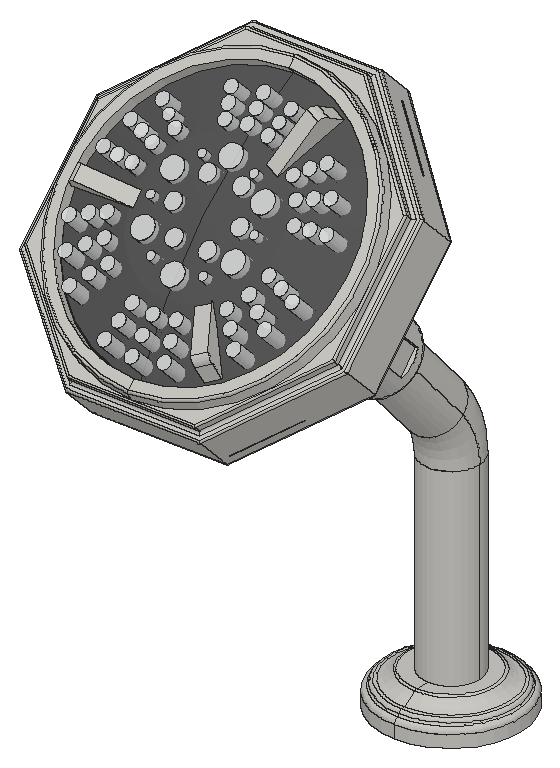
Revit family "Shower-Showerhead_Kit-KALLISTA-For_Town-P21542", category Plumbing Fixtures, host Face, Revit 2022 (continued)
Definition of nested family "P21542"
  Lines and regions (in)
    symbolic lines, detail levels medium+fine
      curve 77: spline (1.4352908, -5.0779948, 0) -> (1.4108355, -5.0802714, 0) -> (1.3880467, -5.0869461, 0) -> (1.3684776, -5.0975639, 0) -> (1.3534617, -5.1114014, 0) -> (1.3440223, -5.1275155, 0) -> (1.3408027, -5.144808, 0) -> (1.3440223, -5.1621006, 0) -> (1.3534617, -5.1782147, 0) -> (1.3684776, -5.1920521, 0) -> (1.3880467, -5.20267, 0) -> (1.4108355, -5.2093447, 0) -> (1.4352908, -5.2116213, 0)
      curve 78: spline (1.2399872, -4.9675219, 0) -> (1.2155318, -4.9697985, 0) -> (1.1927431, -4.9764732, 0) -> (1.1731739, -4.987091, 0) -> (1.158158, -5.0009285, 0) -> (1.1487186, -5.0170426, 0) -> (1.145499, -5.0343351, 0) -> (1.1487186, -5.0516277, 0) -> (1.158158, -5.0677417, 0) -> (1.1731739, -5.0815792, 0) -> (1.1927431, -5.0921971, 0) -> (1.2155318, -5.0988718, 0) -> (1.2399872, -5.1011484, 0)
      curve 79: spline (1.041725, -4.856267, 0) -> (1.0156623, -4.8586933, 0) -> (0.9913757, -4.8658066, 0) -> (0.9705204, -4.8771224, 0) -> (0.9545175, -4.8918693, 0) -> (0.9444577, -4.9090425, 0) -> (0.9410265, -4.9274716, 0) -> (0.9444577, -4.9459007, 0) -> (0.9545175, -4.9630739, 0) -> (0.9705204, -4.9778209, 0) -> (0.9913757, -4.9891366, 0) -> (1.0156623, -4.99625, 0) -> (1.041725, -4.9986762, 0)
      curve 80: spline (1.0148753, -5.1700587, 0) -> (0.99042, -5.1723353, 0) -> (0.9676312, -5.17901, 0) -> (0.9480621, -5.1896279, 0) -> (0.9330461, -5.2034653, 0) -> (0.9236067, -5.2195794, 0) -> (0.9203871, -5.236872, 0) -> (0.9236067, -5.2541645, 0) -> (0.9330461, -5.2702786, 0) -> (0.9480621, -5.2841161, 0) -> (0.9676312, -5.2947339, 0) -> (0.99042, -5.3014086, 0) -> (1.0148753, -5.3036852, 0)
      curve 81: spline (0.856874, -5.1657178, 0) -> (0.8813294, -5.1634412, 0) -> (0.9041181, -5.1567665, 0) -> (0.9236872, -5.1461487, 0) -> (0.9387032, -5.1323112, 0) -> (0.9481426, -5.1161971, 0) -> (0.9513622, -5.0989046, 0) -> (0.9481426, -5.081612, 0) -> (0.9387032, -5.065498, 0) -> (0.9236872, -5.0516605, 0) -> (0.9041181, -5.0410426, 0) -> (0.8813294, -5.0343679, 0) -> (0.856874, -5.0320913, 0)
      curve 82: spline (0.856874, -5.0320913, 0) -> (0.8324187, -5.0343679, 0) -> (0.8096299, -5.0410426, 0) -> (0.7900608, -5.0516605, 0) -> (0.7750448, -5.065498, 0) -> (0.7656054, -5.081612, 0) -> (0.7623858, -5.0989046, 0) -> (0.7656054, -5.1161971, 0) -> (0.7750448, -5.1323112, 0) -> (0.7900608, -5.1461487, 0) -> (0.8096299, -5.1567665, 0) -> (0.8324187, -5.1634412, 0) -> (0.856874, -5.1657178, 0)
      curve 83: spline (1.1822249, -5.4509782, 0) -> (1.2066802, -5.4487016, 0) -> (1.2294689, -5.4420269, 0) -> (1.2490381, -5.431409, 0) -> (1.264054, -5.4175715, 0) -> (1.2734934, -5.4014575, 0) -> (1.276713, -5.3841649, 0) -> (1.2734934, -5.3668724, 0) -> (1.264054, -5.3507583, 0) -> (1.2490381, -5.3369208, 0) -> (1.2294689, -5.326303, 0) -> (1.2066802, -5.3196283, 0) -> (1.1822249, -5.3173517, 0)
      curve 84: spline (1.1822249, -5.3173517, 0) -> (1.1577695, -5.3196283, 0) -> (1.1349808, -5.326303, 0) -> (1.1154116, -5.3369208, 0) -> (1.1003957, -5.3507583, 0) -> (1.0909563, -5.3668724, 0) -> (1.0877367, -5.3841649, 0) -> (1.0909563, -5.4014575, 0) -> (1.1003957, -5.4175715, 0) -> (1.1154116, -5.431409, 0) -> (1.1349808, -5.4420269, 0) -> (1.1577695, -5.4487016, 0) -> (1.1822249, -5.4509782, 0)
      curve 85: spline (0.0064007, -3.4366692, 0) -> (0.0304442, -3.4338175, 0) -> (0.0526556, -3.4267109, 0) -> (0.0715563, -3.4158224, 0) -> (0.0858881, -3.4018769, 0) -> (0.094697, -3.3858027, 0) -> (0.0973964, -3.3686698, 0) -> (0.0938068, -3.3516189, 0) -> (0.0841671, -3.3357849, 0) -> (0.069119, -3.3222219, 0) -> (0.0496643, -3.3118327, 0) -> (0.0270979, -3.3053091, 0) -> (0.0029222, -3.3030852, 0)
      curve 86: spline (0.010034, -3.4425686, 0) -> (-0.0144214, -3.4448452, 0) -> (-0.0372101, -3.4515199, 0) -> (-0.0567793, -3.4621377, 0) -> (-0.0717952, -3.4759752, 0) -> (-0.0812346, -3.4920893, 0) -> (-0.0844542, -3.5093818, 0) -> (-0.0812346, -3.5266744, 0) -> (-0.0717952, -3.5427885, 0) -> (-0.0567793, -3.5566259, 0) -> (-0.0372101, -3.5672438, 0) -> (-0.0144214, -3.5739185, 0) -> (0.010034, -3.5761951, 0)
      curve 87: spline (0.0029222, -3.3030852, 0) -> (-0.0215336, -3.3053618, 0) -> (-0.0443229, -3.3120367, 0) -> (-0.0638924, -3.3226548, 0) -> (-0.0789087, -3.3364925, 0) -> (-0.0883483, -3.352607, 0) -> (-0.091568, -3.3698999, 0) -> (-0.0883483, -3.3871928, 0) -> (-0.0789087, -3.4033072, 0) -> (-0.0638924, -3.417145, 0) -> (-0.0443229, -3.4277631, 0) -> (-0.0215336, -3.4344379, 0) -> (0.0029222, -3.4367145, 0)
      curve 88: spline (-0.0022692, -3.7197392, 0) -> (0.0221861, -3.7174625, 0) -> (0.0449749, -3.7107879, 0) -> (0.064544, -3.70017, 0) -> (0.07956, -3.6863325, 0) -> (0.0889994, -3.6702185, 0) -> (0.092219, -3.6529259, 0) -> (0.0889994, -3.6356334, 0) -> (0.07956, -3.6195193, 0) -> (0.064544, -3.6056818, 0) -> (0.0449749, -3.5950639, 0) -> (0.0221861, -3.5883893, 0) -> (-0.0022692, -3.5861127, 0)
      curve 89: spline (-0.0022692, -3.5861127, 0) -> (-0.0267245, -3.5883893, 0) -> (-0.0495133, -3.5950639, 0) -> (-0.0690824, -3.6056818, 0) -> (-0.0840984, -3.6195193, 0) -> (-0.0935378, -3.6356334, 0) -> (-0.0967574, -3.6529259, 0) -> (-0.0935378, -3.6702185, 0) -> (-0.0840984, -3.6863325, 0) -> (-0.0690824, -3.70017, 0) -> (-0.0495133, -3.7107879, 0) -> (-0.0267245, -3.7174625, 0) -> (-0.0022692, -3.7197392, 0)
      curve 90: spline (-0.008055, -4.0508309, 0) -> (0.0327039, -4.0470366, 0) -> (0.0706852, -4.0359121, 0) -> (0.1033004, -4.0182157, 0) -> (0.128327, -3.9951532, 0) -> (0.1440593, -3.9682964, 0) -> (0.1494253, -3.9394755, 0) -> (0.1440593, -3.9106546, 0) -> (0.128327, -3.8837978, 0) -> (0.1033004, -3.8607353, 0) -> (0.0706852, -3.8430389, 0) -> (0.0327039, -3.8319144, 0) -> (-0.008055, -3.8281201, 0)
      curve 91: spline (-0.008055, -3.8281201, 0) -> (-0.0488139, -3.8319144, 0) -> (-0.0867952, -3.8430389, 0) -> (-0.1194104, -3.8607353, 0) -> (-0.144437, -3.8837978, 0) -> (-0.1601693, -3.9106546, 0) -> (-0.1655353, -3.9394755, 0) -> (-0.1601693, -3.9682964, 0) -> (-0.144437, -3.9951532, 0) -> (-0.1194104, -4.0182157, 0) -> (-0.0867952, -4.0359121, 0) -> (-0.0488139, -4.0470366, 0) -> (-0.008055, -4.0508309, 0)
      curve 92: spline (0.3771559, -4.0468358, 0) -> (0.3924405, -4.045413, 0) -> (0.4066834, -4.0412413, 0) -> (0.4189142, -4.0346051, 0) -> (0.4282991, -4.0259567, 0) -> (0.4341987, -4.0158854, 0) -> (0.436211, -4.0050776, 0) -> (0.4341987, -3.9942697, 0) -> (0.4282991, -3.9841984, 0) -> (0.4189142, -3.97555, 0) -> (0.4066834, -3.9689138, 0) -> (0.3924405, -3.9647422, 0) -> (0.3771559, -3.9633193, 0)
      curve 93: spline (0.3771559, -3.9633193, 0) -> (0.3618713, -3.9647422, 0) -> (0.3476283, -3.9689138, 0) -> (0.3353976, -3.97555, 0) -> (0.3260126, -3.9841984, 0) -> (0.320113, -3.9942697, 0) -> (0.3181008, -4.0050776, 0) -> (0.320113, -4.0158854, 0) -> (0.3260126, -4.0259567, 0) -> (0.3353976, -4.0346051, 0) -> (0.3476283, -4.0412413, 0) -> (0.3618713, -4.045413, 0) -> (0.3771559, -4.0468358, 0)
      curve 94: spline (-0.203312, -4.8028936, 0) -> (-0.1727428, -4.8000478, 0) -> (-0.1442569, -4.7917045, 0) -> (-0.1197955, -4.7784322, 0) -> (-0.1010256, -4.7611353, 0) -> (-0.0892263, -4.7409927, 0) -> (-0.0852018, -4.7193771, 0) -> (-0.0892263, -4.6977614, 0) -> (-0.1010256, -4.6776188, 0) -> (-0.1197955, -4.6603219, 0) -> (-0.1442569, -4.6470496, 0) -> (-0.1727428, -4.6387063, 0) -> (-0.203312, -4.6358605, 0)
      curve 95: spline (-0.6407522, -4.8479191, 0) -> (-0.5999933, -4.8441248, 0) -> (-0.562012, -4.8330003, 0) -> (-0.5293968, -4.8153039, 0) -> (-0.5043702, -4.7922414, 0) -> (-0.4886379, -4.7653846, 0) -> (-0.4832719, -4.7365637, 0) -> (-0.4886379, -4.7077428, 0) -> (-0.5043702, -4.680886, 0) -> (-0.5293968, -4.6578235, 0) -> (-0.562012, -4.6401271, 0) -> (-0.5999933, -4.6290027, 0) -> (-0.6407522, -4.6252083, 0)
      curve 96: spline (-0.430699, -4.364094, 0) -> (-0.4612681, -4.3669398, 0) -> (-0.4897541, -4.3752831, 0) -> (-0.5142155, -4.3885554, 0) -> (-0.5329854, -4.4058523, 0) -> (-0.5447847, -4.4259949, 0) -> (-0.5488092, -4.4476105, 0) -> (-0.5447847, -4.4692262, 0) -> (-0.5329854, -4.4893688, 0) -> (-0.5142155, -4.5066657, 0) -> (-0.4897541, -4.519938, 0) -> (-0.4612681, -4.5282813, 0) -> (-0.430699, -4.5311271, 0)
      curve 97: spline (-0.6407522, -4.3118201, 0) -> (-0.5999933, -4.3080258, 0) -> (-0.562012, -4.2969013, 0) -> (-0.5293968, -4.2792049, 0) -> (-0.5043702, -4.2561424, 0) -> (-0.4886379, -4.2292856, 0) -> (-0.4832719, -4.2004647, 0) -> (-0.4886379, -4.1716438, 0) -> (-0.5043702, -4.144787, 0) -> (-0.5293968, -4.1217246, 0) -> (-0.562012, -4.1040281, 0) -> (-0.5999933, -4.0929037, 0) -> (-0.6407522, -4.0891093, 0)
      curve 98: spline (-0.3731331, -4.0468358, 0) -> (-0.3578485, -4.045413, 0) -> (-0.3436055, -4.0412413, 0) -> (-0.3313748, -4.0346051, 0) -> (-0.3219899, -4.0259567, 0) -> (-0.3160902, -4.0158854, 0) -> (-0.314078, -4.0050776, 0) -> (-0.3160902, -3.9942697, 0) -> (-0.3219899, -3.9841984, 0) -> (-0.3313748, -3.97555, 0) -> (-0.3436055, -3.9689138, 0) -> (-0.3578485, -3.9647422, 0) -> (-0.3731331, -3.9633193, 0)
      curve 99: spline (-0.3731331, -3.9633193, 0) -> (-0.3884177, -3.9647422, 0) -> (-0.4026606, -3.9689138, 0) -> (-0.4148914, -3.97555, 0) -> (-0.4242763, -3.9841984, 0) -> (-0.4301759, -3.9942697, 0) -> (-0.4321882, -4.0050776, 0) -> (-0.4301759, -4.0158854, 0) -> (-0.4242763, -4.0259567, 0) -> (-0.4148914, -4.0346051, 0) -> (-0.4026606, -4.0412413, 0) -> (-0.3884177, -4.045413, 0) -> (-0.3731331, -4.0468358, 0)
      curve 100: spline (-0.1902103, -4.0509069, 0) -> (-0.2207795, -4.0537527, 0) -> (-0.2492654, -4.062096, 0) -> (-0.2737269, -4.0753684, 0) -> (-0.2924968, -4.0926652, 0) -> (-0.304296, -4.1128078, 0) -> (-0.3083206, -4.1344235, 0) -> (-0.304296, -4.1560392, 0) -> (-0.2924968, -4.1761818, 0) -> (-0.2737269, -4.1934786, 0) -> (-0.2492654, -4.2067509, 0) -> (-0.2207795, -4.2150943, 0) -> (-0.1902103, -4.21794, 0)
      curve 101: spline (-0.1902103, -4.21794, 0) -> (-0.1596411, -4.2150943, 0) -> (-0.1311552, -4.2067509, 0) -> (-0.1066938, -4.1934786, 0) -> (-0.0879239, -4.1761818, 0) -> (-0.0761246, -4.1560392, 0) -> (-0.0721001, -4.1344235, 0) -> (-0.0761246, -4.1128078, 0) -> (-0.0879239, -4.0926652, 0) -> (-0.1066938, -4.0753684, 0) -> (-0.1311552, -4.062096, 0) -> (-0.1596411, -4.0537527, 0) -> (-0.1902103, -4.0509069, 0)
      curve 102: spline (-0.430699, -4.5311271, 0) -> (-0.4001298, -4.5282813, 0) -> (-0.3716439, -4.519938, 0) -> (-0.3471824, -4.5066657, 0) -> (-0.3284125, -4.4893688, 0) -> (-0.3166132, -4.4692262, 0) -> (-0.3125887, -4.4476105, 0) -> (-0.3166132, -4.4259949, 0) -> (-0.3284125, -4.4058523, 0) -> (-0.3471824, -4.3885554, 0) -> (-0.3716439, -4.3752831, 0) -> (-0.4001298, -4.3669398, 0) -> (-0.430699, -4.364094, 0)
      curve 103: spline (-0.203312, -4.6358605, 0) -> (-0.2338812, -4.6387063, 0) -> (-0.2623671, -4.6470496, 0) -> (-0.2868286, -4.6603219, 0) -> (-0.3055985, -4.6776188, 0) -> (-0.3173977, -4.6977614, 0) -> (-0.3214223, -4.7193771, 0) -> (-0.3173977, -4.7409927, 0) -> (-0.3055985, -4.7611353, 0) -> (-0.2868286, -4.7784322, 0) -> (-0.2623671, -4.7917045, 0) -> (-0.2338812, -4.8000478, 0) -> (-0.203312, -4.8028936, 0)
      curve 104: spline (0.3778914, -4.9658253, 0) -> (0.393176, -4.9644024, 0) -> (0.4074189, -4.9602307, 0) -> (0.4196497, -4.9535946, 0) -> (0.4290346, -4.9449461, 0) -> (0.4349342, -4.9348748, 0) -> (0.4369465, -4.924067, 0) -> (0.4349342, -4.9132592, 0) -> (0.4290346, -4.9031879, 0) -> (0.4196497, -4.8945394, 0) -> (0.4074189, -4.8879033, 0) -> (0.393176, -4.8837316, 0) -> (0.3778914, -4.8823087, 0)
      curve 105: spline (-0.6407522, -4.6252083, 0) -> (-0.6815111, -4.6290027, 0) -> (-0.7194923, -4.6401271, 0) -> (-0.7521076, -4.6578235, 0) -> (-0.7771341, -4.680886, 0) -> (-0.7928665, -4.7077428, 0) -> (-0.7982325, -4.7365637, 0) -> (-0.7928665, -4.7653846, 0) -> (-0.7771341, -4.7922414, 0) -> (-0.7521076, -4.8153039, 0) -> (-0.7194923, -4.8330003, 0) -> (-0.6815111, -4.8441248, 0) -> (-0.6407522, -4.8479191, 0)
      curve 106: spline (-0.6407522, -4.0891093, 0) -> (-0.6815111, -4.0929037, 0) -> (-0.7194923, -4.1040281, 0) -> (-0.7521076, -4.1217246, 0) -> (-0.7771341, -4.144787, 0) -> (-0.7928665, -4.1716438, 0) -> (-0.7982325, -4.2004647, 0) -> (-0.7928665, -4.2292856, 0) -> (-0.7771341, -4.2561424, 0) -> (-0.7521076, -4.2792049, 0) -> (-0.7194923, -4.2969013, 0) -> (-0.6815111, -4.3080258, 0) -> (-0.6407522, -4.3118201, 0)
      curve 107: spline (-0.0008656, -5.1093348, 0) -> (0.0398933, -5.1055405, 0) -> (0.0778745, -5.094416, 0) -> (0.1104898, -5.0767196, 0) -> (0.1355163, -5.0536571, 0) -> (0.1512487, -5.0268003, 0) -> (0.1566147, -4.9979794, 0) -> (0.1512487, -4.9691585, 0) -> (0.1355163, -4.9423017, 0) -> (0.1104898, -4.9192393, 0) -> (0.0778745, -4.9015428, 0) -> (0.0398933, -4.8904184, 0) -> (-0.0008656, -4.886624, 0)
      curve 108: spline (-0.0008656, -4.886624, 0) -> (-0.0416245, -4.8904184, 0) -> (-0.0796058, -4.9015428, 0) -> (-0.112221, -4.9192393, 0) -> (-0.1372476, -4.9423017, 0) -> (-0.1529799, -4.9691585, 0) -> (-0.158346, -4.9979794, 0) -> (-0.1529799, -5.0268003, 0) -> (-0.1372476, -5.0536571, 0) -> (-0.112221, -5.0767196, 0) -> (-0.0796058, -5.094416, 0) -> (-0.0416245, -5.1055405, 0) -> (-0.0008656, -5.1093348, 0)
      curve 109: spline (0.3778914, -4.8823087, 0) -> (0.3626068, -4.8837316, 0) -> (0.3483638, -4.8879033, 0) -> (0.3361331, -4.8945394, 0) -> (0.3267481, -4.9031879, 0) -> (0.3208485, -4.9132592, 0) -> (0.3188363, -4.924067, 0) -> (0.3208485, -4.9348748, 0) -> (0.3267481, -4.9449461, 0) -> (0.3361331, -4.9535946, 0) -> (0.3483638, -4.9602307, 0) -> (0.3626068, -4.9644024, 0) -> (0.3778914, -4.9658253, 0)
      curve 110: spline (-0.7452469, -4.5057646, 0) -> (-0.7299623, -4.5043417, 0) -> (-0.7157193, -4.50017, 0) -> (-0.7034886, -4.4935339, 0) -> (-0.6941037, -4.4848855, 0) -> (-0.688204, -4.4748142, 0) -> (-0.6861918, -4.4640063, 0) -> (-0.688204, -4.4531985, 0) -> (-0.6941037, -4.4431272, 0) -> (-0.7034886, -4.4344788, 0) -> (-0.7157193, -4.4278426, 0) -> (-0.7299623, -4.4236709, 0) -> (-0.7452469, -4.422248, 0)
      curve 111: spline (-0.7452469, -4.422248, 0) -> (-0.7605315, -4.4236709, 0) -> (-0.7747744, -4.4278426, 0) -> (-0.7870052, -4.4344788, 0) -> (-0.7963901, -4.4431272, 0) -> (-0.8022897, -4.4531985, 0) -> (-0.804302, -4.4640063, 0) -> (-0.8022897, -4.4748142, 0) -> (-0.7963901, -4.4848855, 0) -> (-0.7870052, -4.4935339, 0) -> (-0.7747744, -4.50017, 0) -> (-0.7605315, -4.5043417, 0) -> (-0.7452469, -4.5057646, 0)
      curve 112: spline (0.3122523, -5.3976762, 0) -> (0.3367076, -5.3953996, 0) -> (0.3594964, -5.3887249, 0) -> (0.3790655, -5.3781071, 0) -> (0.3940814, -5.3642696, 0) -> (0.4035209, -5.3481555, 0) -> (0.4067405, -5.330863, 0) -> (0.4035209, -5.3135704, 0) -> (0.3940814, -5.2974564, 0) -> (0.3790655, -5.2836189, 0) -> (0.3594964, -5.273001, 0) -> (0.3367076, -5.2663263, 0) -> (0.3122523, -5.2640497, 0)
      curve 113: spline (0.3746636, -5.5742609, 0) -> (0.3991189, -5.5719843, 0) -> (0.4219077, -5.5653097, 0) -> (0.4414768, -5.5546918, 0) -> (0.4564927, -5.5408543, 0) -> (0.4659321, -5.5247402, 0) -> (0.4691517, -5.5074477, 0) -> (0.4659321, -5.4901552, 0) -> (0.4564927, -5.4740411, 0) -> (0.4414768, -5.4602036, 0) -> (0.4219077, -5.4495857, 0) -> (0.3991189, -5.4429111, 0) -> (0.3746636, -5.4406345, 0)
      curve 114: spline (0.4259098, -5.7507498, 0) -> (0.4503651, -5.7484732, 0) -> (0.4731539, -5.7417985, 0) -> (0.492723, -5.7311807, 0) -> (0.507739, -5.7173432, 0) -> (0.5171784, -5.7012291, 0) -> (0.520398, -5.6839366, 0) -> (0.5171784, -5.666644, 0) -> (0.507739, -5.6505299, 0) -> (0.492723, -5.6366925, 0) -> (0.4731539, -5.6260746, 0) -> (0.4503651, -5.6193999, 0) -> (0.4259098, -5.6171233, 0)
      curve 115: spline (0.3122523, -5.2640497, 0) -> (0.2877969, -5.2663263, 0) -> (0.2650082, -5.273001, 0) -> (0.245439, -5.2836189, 0) -> (0.2304231, -5.2974564, 0) -> (0.2209837, -5.3135704, 0) -> (0.2177641, -5.330863, 0) -> (0.2209837, -5.3481555, 0) -> (0.2304231, -5.3642696, 0) -> (0.245439, -5.3781071, 0) -> (0.2650082, -5.3887249, 0) -> (0.2877969, -5.3953996, 0) -> (0.3122523, -5.3976762, 0)
      curve 116: spline (0.3746636, -5.4406345, 0) -> (0.3502082, -5.4429111, 0) -> (0.3274195, -5.4495857, 0) -> (0.3078503, -5.4602036, 0) -> (0.2928344, -5.4740411, 0) -> (0.283395, -5.4901552, 0) -> (0.2801754, -5.5074477, 0) -> (0.283395, -5.5247402, 0) -> (0.2928344, -5.5408543, 0) -> (0.3078503, -5.5546918, 0) -> (0.3274195, -5.5653097, 0) -> (0.3502082, -5.5719843, 0) -> (0.3746636, -5.5742609, 0)
      curve 117: spline (0.4259098, -5.6171233, 0) -> (0.4014544, -5.6193999, 0) -> (0.3786657, -5.6260746, 0) -> (0.3590966, -5.6366925, 0) -> (0.3440806, -5.6505299, 0) -> (0.3346412, -5.666644, 0) -> (0.3314216, -5.6839366, 0) -> (0.3346412, -5.7012291, 0) -> (0.3440806, -5.7173432, 0) -> (0.3590966, -5.7311807, 0) -> (0.3786657, -5.7417985, 0) -> (0.4014544, -5.7484732, 0) -> (0.4259098, -5.7507498, 0)
      curve 118: spline (-0.0011172, -5.4236983, 0) -> (0.0233382, -5.4214217, 0) -> (0.0461269, -5.414747, 0) -> (0.0656961, -5.4041291, 0) -> (0.080712, -5.3902917, 0) -> (0.0901514, -5.3741776, 0) -> (0.093371, -5.356885, 0) -> (0.0901514, -5.3395925, 0) -> (0.080712, -5.3234784, 0) -> (0.0656961, -5.309641, 0) -> (0.0461269, -5.2990231, 0) -> (0.0233382, -5.2923484, 0) -> (-0.0011172, -5.2900718, 0)
      curve 119: spline (-0.0011172, -5.6107406, 0) -> (0.0233382, -5.608464, 0) -> (0.0461269, -5.6017893, 0) -> (0.0656961, -5.5911714, 0) -> (0.080712, -5.5773339, 0) -> (0.0901514, -5.5612199, 0) -> (0.093371, -5.5439273, 0) -> (0.0901514, -5.5266348, 0) -> (0.080712, -5.5105207, 0) -> (0.0656961, -5.4966832, 0) -> (0.0461269, -5.4860654, 0) -> (0.0233382, -5.4793907, 0) -> (-0.0011172, -5.4771141, 0)
      curve 120: spline (-0.0011172, -5.8012181, 0) -> (0.0233382, -5.7989415, 0) -> (0.0461269, -5.7922668, 0) -> (0.0656961, -5.781649, 0) -> (0.080712, -5.7678115, 0) -> (0.0901514, -5.7516974, 0) -> (0.093371, -5.7344049, 0) -> (0.0901514, -5.7171123, 0) -> (0.080712, -5.7009983, 0) -> (0.0656961, -5.6871608, 0) -> (0.0461269, -5.6765429, 0) -> (0.0233382, -5.6698682, 0) -> (-0.0011172, -5.6675916, 0)
      curve 121: spline (-0.0011172, -5.2900718, 0) -> (-0.0255725, -5.2923484, 0) -> (-0.0483613, -5.2990231, 0) -> (-0.0679304, -5.309641, 0) -> (-0.0829463, -5.3234784, 0) -> (-0.0923858, -5.3395925, 0) -> (-0.0956054, -5.356885, 0) -> (-0.0923858, -5.3741776, 0) -> (-0.0829463, -5.3902917, 0) -> (-0.0679304, -5.4041291, 0) -> (-0.0483613, -5.414747, 0) -> (-0.0255725, -5.4214217, 0) -> (-0.0011172, -5.4236983, 0)
      curve 122: spline (-0.0011172, -5.4771141, 0) -> (-0.0255725, -5.4793907, 0) -> (-0.0483613, -5.4860654, 0) -> (-0.0679304, -5.4966832, 0) -> (-0.0829463, -5.5105207, 0) -> (-0.0923858, -5.5266348, 0) -> (-0.0956054, -5.5439273, 0) -> (-0.0923858, -5.5612199, 0) -> (-0.0829463, -5.5773339, 0) -> (-0.0679304, -5.5911714, 0) -> (-0.0483613, -5.6017893, 0) -> (-0.0255725, -5.608464, 0) -> (-0.0011172, -5.6107406, 0)
      curve 123: spline (-0.0011172, -5.6675916, 0) -> (-0.0255725, -5.6698682, 0) -> (-0.0483613, -5.6765429, 0) -> (-0.0679304, -5.6871608, 0) -> (-0.0829463, -5.7009983, 0) -> (-0.0923858, -5.7171123, 0) -> (-0.0956054, -5.7344049, 0) -> (-0.0923858, -5.7516974, 0) -> (-0.0829463, -5.7678115, 0) -> (-0.0679304, -5.781649, 0) -> (-0.0483613, -5.7922668, 0) -> (-0.0255725, -5.7989415, 0) -> (-0.0011172, -5.8012181, 0)
      curve 124: spline (-0.3165127, -5.3973556, 0) -> (-0.2896003, -5.395079, 0) -> (-0.2645219, -5.3884043, 0) -> (-0.2429867, -5.3777864, 0) -> (-0.226462, -5.363949, 0) -> (-0.2160743, -5.3478349, 0) -> (-0.2125312, -5.3305424, 0) -> (-0.2160743, -5.3132498, 0) -> (-0.226462, -5.2971357, 0) -> (-0.2429867, -5.2832983, 0) -> (-0.2645219, -5.2726804, 0) -> (-0.2896003, -5.2660057, 0) -> (-0.3165127, -5.2637291, 0)
      curve 125: spline (-0.3165127, -5.2637291, 0) -> (-0.340968, -5.2660057, 0) -> (-0.3637568, -5.2726804, 0) -> (-0.3833259, -5.2832983, 0) -> (-0.3983419, -5.2971357, 0) -> (-0.4077813, -5.3132498, 0) -> (-0.4110009, -5.3305424, 0) -> (-0.4077813, -5.3478349, 0) -> (-0.3983419, -5.363949, 0) -> (-0.3833259, -5.3777864, 0) -> (-0.3637568, -5.3884043, 0) -> (-0.340968, -5.395079, 0) -> (-0.3165127, -5.3973556, 0)
      curve 126: spline (-0.3726758, -5.570501, 0) -> (-0.3482204, -5.5682244, 0) -> (-0.3254317, -5.5615497, 0) -> (-0.3058625, -5.5509319, 0) -> (-0.2908466, -5.5370944, 0) -> (-0.2814072, -5.5209803, 0) -> (-0.2781876, -5.5036878, 0) -> (-0.2814072, -5.4863952, 0) -> (-0.2908466, -5.4702812, 0) -> (-0.3058625, -5.4564437, 0) -> (-0.3254317, -5.4458258, 0) -> (-0.3482204, -5.4391511, 0) -> (-0.3726758, -5.4368745, 0)
      curve 127: spline (-0.3726758, -5.4368745, 0) -> (-0.3971311, -5.4391511, 0) -> (-0.4199199, -5.4458258, 0) -> (-0.439489, -5.4564437, 0) -> (-0.4545049, -5.4702812, 0) -> (-0.4639444, -5.4863952, 0) -> (-0.467164, -5.5036878, 0) -> (-0.4639444, -5.5209803, 0) -> (-0.4545049, -5.5370944, 0) -> (-0.439489, -5.5509319, 0) -> (-0.4199199, -5.5615497, 0) -> (-0.3971311, -5.5682244, 0) -> (-0.3726758, -5.570501, 0)
      curve 128: spline (-0.3746937, -4.8801338, 0) -> (-0.3899783, -4.8815567, 0) -> (-0.4042213, -4.8857284, 0) -> (-0.416452, -4.8923645, 0) -> (-0.425837, -4.9010129, 0) -> (-0.4317366, -4.9110842, 0) -> (-0.4337488, -4.9218921, 0) -> (-0.4317366, -4.9326999, 0) -> (-0.425837, -4.9427712, 0) -> (-0.416452, -4.9514196, 0) -> (-0.4042213, -4.9580558, 0) -> (-0.3899783, -4.9622275, 0) -> (-0.3746937, -4.9636504, 0)
      curve 129: spline (-0.3746937, -4.9636504, 0) -> (-0.3594091, -4.9622275, 0) -> (-0.3451662, -4.9580558, 0) -> (-0.3329355, -4.9514196, 0) -> (-0.3235505, -4.9427712, 0) -> (-0.3176509, -4.9326999, 0) -> (-0.3156386, -4.9218921, 0) -> (-0.3176509, -4.9110842, 0) -> (-0.3235505, -4.9010129, 0) -> (-0.3329355, -4.8923645, 0) -> (-0.3451662, -4.8857284, 0) -> (-0.3594091, -4.8815567, 0) -> (-0.3746937, -4.8801338, 0)
      curve 130: spline (-0.4298063, -5.7525681, 0) -> (-0.405351, -5.7502915, 0) -> (-0.3825622, -5.7436168, 0) -> (-0.3629931, -5.732999, 0) -> (-0.3479771, -5.7191615, 0) -> (-0.3385377, -5.7030474, 0) -> (-0.3353181, -5.6857549, 0) -> (-0.3385377, -5.6684623, 0) -> (-0.3479771, -5.6523483, 0) -> (-0.3629931, -5.6385108, 0) -> (-0.3825622, -5.6278929, 0) -> (-0.405351, -5.6212182, 0) -> (-0.4298063, -5.6189416, 0)
      curve 131: spline (-0.4298063, -5.6189416, 0) -> (-0.4542617, -5.6212182, 0) -> (-0.4770504, -5.6278929, 0) -> (-0.4966196, -5.6385108, 0) -> (-0.5116355, -5.6523483, 0) -> (-0.5210749, -5.6684623, 0) -> (-0.5242945, -5.6857549, 0) -> (-0.5210749, -5.7030474, 0) -> (-0.5116355, -5.7191615, 0) -> (-0.4966196, -5.732999, 0) -> (-0.4770504, -5.7436168, 0) -> (-0.4542617, -5.7502915, 0) -> (-0.4298063, -5.7525681, 0)
      curve 132: spline (-1.2413279, -4.0864876, 0) -> (-1.2657832, -4.084211, 0) -> (-1.288572, -4.0775363, 0) -> (-1.3081411, -4.0669185, 0) -> (-1.3231571, -4.053081, 0) -> (-1.3325965, -4.0369669, 0) -> (-1.3358161, -4.0196744, 0) -> (-1.3325965, -4.0023818, 0) -> (-1.3231571, -3.9862677, 0) -> (-1.3081411, -3.9724303, 0) -> (-1.288572, -3.9618124, 0) -> (-1.2657832, -3.9551377, 0) -> (-1.2413279, -3.9528611, 0)
      curve 133: spline (-1.1890049, -3.7833412, 0) -> (-1.2134602, -3.7810646, 0) -> (-1.236249, -3.7743899, 0) -> (-1.2558181, -3.7637721, 0) -> (-1.2708341, -3.7499346, 0) -> (-1.2802735, -3.7338205, 0) -> (-1.2834931, -3.716528, 0) -> (-1.2802735, -3.6992354, 0) -> (-1.2708341, -3.6831214, 0) -> (-1.2558181, -3.6692839, 0) -> (-1.236249, -3.658666, 0) -> (-1.2134602, -3.6519914, 0) -> (-1.1890049, -3.6497147, 0)
      curve 134: spline (-1.4461695, -4.0337684, 0) -> (-1.4706248, -4.0314918, 0) -> (-1.4934136, -4.0248171, 0) -> (-1.5129827, -4.0141992, 0) -> (-1.5279987, -4.0003618, 0) -> (-1.5374381, -3.9842477, 0) -> (-1.5406577, -3.9669551, 0) -> (-1.5374381, -3.9496626, 0) -> (-1.5279987, -3.9335485, 0) -> (-1.5129827, -3.919711, 0) -> (-1.4934136, -3.9090932, 0) -> (-1.4706248, -3.9024185, 0) -> (-1.4461695, -3.9001419, 0)
      curve 135: spline (-1.6146682, -4.3196198, 0) -> (-1.6391235, -4.3173432, 0) -> (-1.6619123, -4.3106685, 0) -> (-1.6814814, -4.3000506, 0) -> (-1.6964973, -4.2862132, 0) -> (-1.7059368, -4.2700991, 0) -> (-1.7091564, -4.2528065, 0) -> (-1.7059368, -4.235514, 0) -> (-1.6964973, -4.2193999, 0) -> (-1.6814814, -4.2055624, 0) -> (-1.6619123, -4.1949446, 0) -> (-1.6391235, -4.1882699, 0) -> (-1.6146682, -4.1859933, 0)
      curve 136: spline (-1.3845011, -4.3293842, 0) -> (-1.4089564, -4.3271076, 0) -> (-1.4317452, -4.3204329, 0) -> (-1.4513143, -4.3098151, 0) -> (-1.4663302, -4.2959776, 0) -> (-1.4757696, -4.2798635, 0) -> (-1.4789892, -4.262571, 0) -> (-1.4757696, -4.2452784, 0) -> (-1.4663302, -4.2291644, 0) -> (-1.4513143, -4.2153269, 0) -> (-1.4317452, -4.204709, 0) -> (-1.4089564, -4.1980343, 0) -> (-1.3845011, -4.1957577, 0)
      curve 137: spline (-1.1706675, -4.3467835, 0) -> (-1.1951229, -4.3445069, 0) -> (-1.2179116, -4.3378322, 0) -> (-1.2374807, -4.3272144, 0) -> (-1.2524967, -4.3133769, 0) -> (-1.2619361, -4.2972628, 0) -> (-1.2651557, -4.2799703, 0) -> (-1.2619361, -4.2626777, 0) -> (-1.2524967, -4.2465636, 0) -> (-1.2374807, -4.2327262, 0) -> (-1.2179116, -4.2221083, 0) -> (-1.1951229, -4.2154336, 0) -> (-1.1706675, -4.213157, 0)
      curve 138: spline (-1.2413279, -3.9528611, 0) -> (-1.2168726, -3.9551377, 0) -> (-1.1940838, -3.9618124, 0) -> (-1.1745147, -3.9724303, 0) -> (-1.1594987, -3.9862677, 0) -> (-1.1500593, -4.0023818, 0) -> (-1.1468397, -4.0196744, 0) -> (-1.1500593, -4.0369669, 0) -> (-1.1594987, -4.053081, 0) -> (-1.1745147, -4.0669185, 0) -> (-1.1940838, -4.0775363, 0) -> (-1.2168726, -4.084211, 0) -> (-1.2413279, -4.0864876, 0)
      curve 139: spline (-1.0154513, -3.8718794, 0) -> (-1.0399067, -3.8696028, 0) -> (-1.0626954, -3.8629281, 0) -> (-1.0822646, -3.8523103, 0) -> (-1.0972805, -3.8384728, 0) -> (-1.1067199, -3.8223587, 0) -> (-1.1099395, -3.8050662, 0) -> (-1.1067199, -3.7877736, 0) -> (-1.0972805, -3.7716595, 0) -> (-1.0822646, -3.7578221, 0) -> (-1.0626954, -3.7472042, 0) -> (-1.0399067, -3.7405295, 0) -> (-1.0154513, -3.7382529, 0)
      curve 140: spline (-1.1645861, -4.7940643, 0) -> (-1.1890414, -4.7917877, 0) -> (-1.2118302, -4.785113, 0) -> (-1.2313993, -4.7744951, 0) -> (-1.2464152, -4.7606577, 0) -> (-1.2558546, -4.7445436, 0) -> (-1.2590743, -4.7272511, 0) -> (-1.2558546, -4.7099585, 0) -> (-1.2464152, -4.6938444, 0) -> (-1.2313993, -4.680007, 0) -> (-1.2118302, -4.6693891, 0) -> (-1.1890414, -4.6627144, 0) -> (-1.1645861, -4.6604378, 0)
      curve 141: spline (-1.3872371, -4.8545335, 0) -> (-1.4116925, -4.8522569, 0) -> (-1.4344812, -4.8455822, 0) -> (-1.4540504, -4.8349643, 0) -> (-1.4690663, -4.8211269, 0) -> (-1.4785057, -4.8050128, 0) -> (-1.4817253, -4.7877202, 0) -> (-1.4785057, -4.7704277, 0) -> (-1.4690663, -4.7543136, 0) -> (-1.4540504, -4.7404761, 0) -> (-1.4344812, -4.7298583, 0) -> (-1.4116925, -4.7231836, 0) -> (-1.3872371, -4.720907, 0)
      curve 142: spline (-1.6017146, -4.9232013, 0) -> (-1.62617, -4.9209247, 0) -> (-1.6489587, -4.91425, 0) -> (-1.6685279, -4.9036322, 0) -> (-1.6835438, -4.8897947, 0) -> (-1.6929832, -4.8736806, 0) -> (-1.6962028, -4.8563881, 0) -> (-1.6929832, -4.8390955, 0) -> (-1.6835438, -4.8229814, 0) -> (-1.6685279, -4.809144, 0) -> (-1.6489587, -4.7985261, 0) -> (-1.62617, -4.7918514, 0) -> (-1.6017146, -4.7895748, 0)
      curve 143: spline (-1.1645861, -4.6604378, 0) -> (-1.1401307, -4.6627144, 0) -> (-1.117342, -4.6693891, 0) -> (-1.0977728, -4.680007, 0) -> (-1.0827569, -4.6938444, 0) -> (-1.0733175, -4.7099585, 0) -> (-1.0700979, -4.7272511, 0) -> (-1.0733175, -4.7445436, 0) -> (-1.0827569, -4.7606577, 0) -> (-1.0977728, -4.7744951, 0) -> (-1.117342, -4.785113, 0) -> (-1.1401307, -4.7917877, 0) -> (-1.1645861, -4.7940643, 0)
      curve 144: spline (-1.3872371, -4.720907, 0) -> (-1.3627818, -4.7231836, 0) -> (-1.339993, -4.7298583, 0) -> (-1.3204239, -4.7404761, 0) -> (-1.3054079, -4.7543136, 0) -> (-1.2959685, -4.7704277, 0) -> (-1.2927489, -4.7877202, 0) -> (-1.2959685, -4.8050128, 0) -> (-1.3054079, -4.8211269, 0) -> (-1.3204239, -4.8349643, 0) -> (-1.339993, -4.8455822, 0) -> (-1.3627818, -4.8522569, 0) -> (-1.3872371, -4.8545335, 0)
      curve 145: spline (-1.6017146, -4.7895748, 0) -> (-1.5772593, -4.7918514, 0) -> (-1.5544705, -4.7985261, 0) -> (-1.5349014, -4.809144, 0) -> (-1.5198854, -4.8229814, 0) -> (-1.510446, -4.8390955, 0) -> (-1.5072264, -4.8563881, 0) -> (-1.510446, -4.8736806, 0) -> (-1.5198854, -4.8897947, 0) -> (-1.5349014, -4.9036322, 0) -> (-1.5544705, -4.91425, 0) -> (-1.5772593, -4.9209247, 0) -> (-1.6017146, -4.9232013, 0)
      curve 146: spline (-1.2399872, -5.1011484, 0) -> (-1.2644425, -5.0988718, 0) -> (-1.2872312, -5.0921971, 0) -> (-1.3068004, -5.0815792, 0) -> (-1.3218163, -5.0677417, 0) -> (-1.3312557, -5.0516277, 0) -> (-1.3344753, -5.0343351, 0) -> (-1.3312557, -5.0170426, 0) -> (-1.3218163, -5.0009285, 0) -> (-1.3068004, -4.987091, 0) -> (-1.2872312, -4.9764732, 0) -> (-1.2644425, -4.9697985, 0) -> (-1.2399872, -4.9675219, 0)
      curve 147: spline (-1.041725, -4.9986762, 0) -> (-1.0677877, -4.99625, 0) -> (-1.0920742, -4.9891366, 0) -> (-1.1129296, -4.9778209, 0) -> (-1.1289324, -4.9630739, 0) -> (-1.1389923, -4.9459007, 0) -> (-1.1424235, -4.9274716, 0) -> (-1.1389923, -4.9090425, 0) -> (-1.1289324, -4.8918693, 0) -> (-1.1129296, -4.8771224, 0) -> (-1.0920742, -4.8658066, 0) -> (-1.0677877, -4.8586933, 0) -> (-1.041725, -4.856267, 0)
      curve 148: spline (-1.0148753, -5.3036852, 0) -> (-1.0393307, -5.3014086, 0) -> (-1.0621194, -5.2947339, 0) -> (-1.0816885, -5.2841161, 0) -> (-1.0967045, -5.2702786, 0) -> (-1.1061439, -5.2541645, 0) -> (-1.1093635, -5.236872, 0) -> (-1.1061439, -5.2195794, 0) -> (-1.0967045, -5.2034653, 0) -> (-1.0816885, -5.1896279, 0) -> (-1.0621194, -5.17901, 0) -> (-1.0393307, -5.1723353, 0) -> (-1.0148753, -5.1700587, 0)
      curve 149: spline (-1.4352908, -5.2116213, 0) -> (-1.4597462, -5.2093447, 0) -> (-1.4825349, -5.20267, 0) -> (-1.5021041, -5.1920521, 0) -> (-1.51712, -5.1782147, 0) -> (-1.5265594, -5.1621006, 0) -> (-1.529779, -5.144808, 0) -> (-1.5265594, -5.1275155, 0) -> (-1.51712, -5.1114014, 0) -> (-1.5021041, -5.0975639, 0) -> (-1.4825349, -5.0869461, 0) -> (-1.4597462, -5.0802714, 0) -> (-1.4352908, -5.0779948, 0)
      curve 150: spline (-1.0154513, -3.7382529, 0) -> (-0.990996, -3.7405295, 0) -> (-0.9682072, -3.7472042, 0) -> (-0.9486381, -3.7578221, 0) -> (-0.9336222, -3.7716595, 0) -> (-0.9241828, -3.7877736, 0) -> (-0.9209631, -3.8050662, 0) -> (-0.9241828, -3.8223587, 0) -> (-0.9336222, -3.8384728, 0) -> (-0.9486381, -3.8523103, 0) -> (-0.9682072, -3.8629281, 0) -> (-0.990996, -3.8696028, 0) -> (-1.0154513, -3.8718794, 0)
      curve 151: spline (-1.1890049, -3.6497147, 0) -> (-1.1645495, -3.6519914, 0) -> (-1.1417608, -3.658666, 0) -> (-1.1221916, -3.6692839, 0) -> (-1.1071757, -3.6831214, 0) -> (-1.0977363, -3.6992354, 0) -> (-1.0945167, -3.716528, 0) -> (-1.0977363, -3.7338205, 0) -> (-1.1071757, -3.7499346, 0) -> (-1.1221916, -3.7637721, 0) -> (-1.1417608, -3.7743899, 0) -> (-1.1645495, -3.7810646, 0) -> (-1.1890049, -3.7833412, 0)
      curve 152: spline (-1.4461695, -3.9001419, 0) -> (-1.4217142, -3.9024185, 0) -> (-1.3989254, -3.9090932, 0) -> (-1.3793563, -3.919711, 0) -> (-1.3643403, -3.9335485, 0) -> (-1.3549009, -3.9496626, 0) -> (-1.3516813, -3.9669551, 0) -> (-1.3549009, -3.9842477, 0) -> (-1.3643403, -4.0003618, 0) -> (-1.3793563, -4.0141992, 0) -> (-1.3989254, -4.0248171, 0) -> (-1.4217142, -4.0314918, 0) -> (-1.4461695, -4.0337684, 0)
      curve 153: spline (-1.1706675, -4.213157, 0) -> (-1.1462122, -4.2154336, 0) -> (-1.1234234, -4.2221083, 0) -> (-1.1038543, -4.2327262, 0) -> (-1.0888383, -4.2465636, 0) -> (-1.0793989, -4.2626777, 0) -> (-1.0761793, -4.2799703, 0) -> (-1.0793989, -4.2972628, 0) -> (-1.0888383, -4.3133769, 0) -> (-1.1038543, -4.3272144, 0) -> (-1.1234234, -4.3378322, 0) -> (-1.1462122, -4.3445069, 0) -> (-1.1706675, -4.3467835, 0)
      curve 154: spline (-1.6146682, -4.1859933, 0) -> (-1.5902128, -4.1882699, 0) -> (-1.5674241, -4.1949446, 0) -> (-1.5478549, -4.2055624, 0) -> (-1.532839, -4.2193999, 0) -> (-1.5233996, -4.235514, 0) -> (-1.52018, -4.2528065, 0) -> (-1.5233996, -4.2700991, 0) -> (-1.532839, -4.2862132, 0) -> (-1.5478549, -4.3000506, 0) -> (-1.5674241, -4.3106685, 0) -> (-1.5902128, -4.3173432, 0) -> (-1.6146682, -4.3196198, 0)
      curve 155: spline (-1.3845011, -4.1957577, 0) -> (-1.3600457, -4.1980343, 0) -> (-1.337257, -4.204709, 0) -> (-1.3176878, -4.2153269, 0) -> (-1.3026719, -4.2291644, 0) -> (-1.2932325, -4.2452784, 0) -> (-1.2900129, -4.262571, 0) -> (-1.2932325, -4.2798635, 0) -> (-1.3026719, -4.2959776, 0) -> (-1.3176878, -4.3098151, 0) -> (-1.337257, -4.3204329, 0) -> (-1.3600457, -4.3271076, 0) -> (-1.3845011, -4.3293842, 0)
      curve 156: spline (-1.0358532, -4.0144429, 0) -> (-1.0113978, -4.0167195, 0) -> (-0.9886091, -4.0233942, 0) -> (-0.9690399, -4.0340121, 0) -> (-0.954024, -4.0478496, 0) -> (-0.9445846, -4.0639636, 0) -> (-0.941365, -4.0812562, 0) -> (-0.9445846, -4.0985487, 0) -> (-0.954024, -4.1146628, 0) -> (-0.9690399, -4.1285003, 0) -> (-0.9886091, -4.1391181, 0) -> (-1.0113978, -4.1457928, 0) -> (-1.0358532, -4.1480694, 0)
      curve 157: spline (-1.0358532, -4.1480694, 0) -> (-1.0603085, -4.1457928, 0) -> (-1.0830973, -4.1391181, 0) -> (-1.1026664, -4.1285003, 0) -> (-1.1176824, -4.1146628, 0) -> (-1.1271218, -4.0985487, 0) -> (-1.1303414, -4.0812562, 0) -> (-1.1271218, -4.0639636, 0) -> (-1.1176824, -4.0478496, 0) -> (-1.1026664, -4.0340121, 0) -> (-1.0830973, -4.0233942, 0) -> (-1.0603085, -4.0167195, 0) -> (-1.0358532, -4.0144429, 0)
      curve 158: spline (-1.4352908, -5.0779948, 0) -> (-1.4108355, -5.0802714, 0) -> (-1.3880467, -5.0869461, 0) -> (-1.3684776, -5.0975639, 0) -> (-1.3534617, -5.1114014, 0) -> (-1.3440223, -5.1275155, 0) -> (-1.3408027, -5.144808, 0) -> (-1.3440223, -5.1621006, 0) -> (-1.3534617, -5.1782147, 0) -> (-1.3684776, -5.1920521, 0) -> (-1.3880467, -5.20267, 0) -> (-1.4108355, -5.2093447, 0) -> (-1.4352908, -5.2116213, 0)
      curve 159: spline (-1.2399872, -4.9675219, 0) -> (-1.2155318, -4.9697985, 0) -> (-1.1927431, -4.9764732, 0) -> (-1.1731739, -4.987091, 0) -> (-1.158158, -5.0009285, 0) -> (-1.1487186, -5.0170426, 0) -> (-1.145499, -5.0343351, 0) -> (-1.1487186, -5.0516277, 0) -> (-1.158158, -5.0677417, 0) -> (-1.1731739, -5.0815792, 0) -> (-1.1927431, -5.0921971, 0) -> (-1.2155318, -5.0988718, 0) -> (-1.2399872, -5.1011484, 0)
      curve 160: spline (-1.041725, -4.856267, 0) -> (-1.0156623, -4.8586933, 0) -> (-0.9913757, -4.8658066, 0) -> (-0.9705204, -4.8771224, 0) -> (-0.9545175, -4.8918693, 0) -> (-0.9444577, -4.9090425, 0) -> (-0.9410265, -4.9274716, 0) -> (-0.9444577, -4.9459007, 0) -> (-0.9545175, -4.9630739, 0) -> (-0.9705204, -4.9778209, 0) -> (-0.9913757, -4.9891366, 0) -> (-1.0156623, -4.99625, 0) -> (-1.041725, -4.9986762, 0)
      curve 161: spline (-1.0148753, -5.1700587, 0) -> (-0.99042, -5.1723353, 0) -> (-0.9676312, -5.17901, 0) -> (-0.9480621, -5.1896279, 0) -> (-0.9330461, -5.2034653, 0) -> (-0.9236067, -5.2195794, 0) -> (-0.9203871, -5.236872, 0) -> (-0.9236067, -5.2541645, 0) -> (-0.9330461, -5.2702786, 0) -> (-0.9480621, -5.2841161, 0) -> (-0.9676312, -5.2947339, 0) -> (-0.99042, -5.3014086, 0) -> (-1.0148753, -5.3036852, 0)
      curve 162: spline (-0.9362114, -5.1351922, 0) -> (-0.9471457, -5.1186409, 0) -> (-0.9513313, -5.1006141, 0) -> (-0.9484553, -5.0824595, 0) -> (-0.9387328, -5.0655343, 0) -> (-0.9228906, -5.0511038, 0) -> (-0.9021131, -5.0402469, 0) -> (-0.8779535, -5.0337752, 0) -> (-0.852218, -5.0321725, 0) -> (-0.8268307, -5.0355586, 0) -> (-0.8036893, -5.0436805, 0) -> (-0.784524, -5.0559308, 0) -> (-0.7707675, -5.0713938, 0)
      curve 163: spline (-1.1822249, -5.4509782, 0) -> (-1.2066802, -5.4487016, 0) -> (-1.2294689, -5.4420269, 0) -> (-1.2490381, -5.431409, 0) -> (-1.264054, -5.4175715, 0) -> (-1.2734934, -5.4014575, 0) -> (-1.276713, -5.3841649, 0) -> (-1.2734934, -5.3668724, 0) -> (-1.264054, -5.3507583, 0) -> (-1.2490381, -5.3369208, 0) -> (-1.2294689, -5.326303, 0) -> (-1.2066802, -5.3196283, 0) -> (-1.1822249, -5.3173517, 0)
      curve 164: spline (-1.1822249, -5.3173517, 0) -> (-1.1577695, -5.3196283, 0) -> (-1.1349808, -5.326303, 0) -> (-1.1154116, -5.3369208, 0) -> (-1.1003957, -5.3507583, 0) -> (-1.0909563, -5.3668724, 0) -> (-1.0877367, -5.3841649, 0) -> (-1.0909563, -5.4014575, 0) -> (-1.1003957, -5.4175715, 0) -> (-1.1154116, -5.431409, 0) -> (-1.1349808, -5.4420269, 0) -> (-1.1577695, -5.4487016, 0) -> (-1.1822249, -5.4509782, 0)
      curve 165: spline (-0.4232942, -3.4856459, 0) -> (-0.3988388, -3.4833693, 0) -> (-0.3760501, -3.4766946, 0) -> (-0.3564809, -3.4660768, 0) -> (-0.341465, -3.4522393, 0) -> (-0.3320256, -3.4361252, 0) -> (-0.328806, -3.4188327, 0) -> (-0.3320256, -3.4015401, 0) -> (-0.341465, -3.3854261, 0) -> (-0.3564809, -3.3715886, 0) -> (-0.3760501, -3.3609707, 0) -> (-0.3988388, -3.354296, 0) -> (-0.4232942, -3.3520194, 0)
      curve 166: spline (-0.3016339, -3.6167826, 0) -> (-0.3260893, -3.6190592, 0) -> (-0.348878, -3.6257339, 0) -> (-0.3684472, -3.6363518, 0) -> (-0.3834631, -3.6501893, 0) -> (-0.3929025, -3.6663033, 0) -> (-0.3961221, -3.6835959, 0) -> (-0.3929025, -3.7008884, 0) -> (-0.3834631, -3.7170025, 0) -> (-0.3684472, -3.73084, 0) -> (-0.348878, -3.7414578, 0) -> (-0.3260893, -3.7481325, 0) -> (-0.3016339, -3.7504091, 0)
      curve 167: spline (-0.3559674, -3.4828193, 0) -> (-0.3804227, -3.4850959, 0) -> (-0.4032114, -3.4917705, 0) -> (-0.4227806, -3.5023884, 0) -> (-0.4377965, -3.5162259, 0) -> (-0.4472359, -3.53234, 0) -> (-0.4504555, -3.5496325, 0) -> (-0.4472359, -3.566925, 0) -> (-0.4377965, -3.5830391, 0) -> (-0.4227806, -3.5968766, 0) -> (-0.4032114, -3.6074945, 0) -> (-0.3804227, -3.6141691, 0) -> (-0.3559674, -3.6164457, 0)
      curve 168: spline (-0.3559674, -3.6164457, 0) -> (-0.331512, -3.6141691, 0) -> (-0.3087233, -3.6074945, 0) -> (-0.2891541, -3.5968766, 0) -> (-0.2741382, -3.5830391, 0) -> (-0.2646988, -3.566925, 0) -> (-0.2614792, -3.5496325, 0) -> (-0.2646988, -3.53234, 0) -> (-0.2741382, -3.5162259, 0) -> (-0.2891541, -3.5023884, 0) -> (-0.3087233, -3.4917705, 0) -> (-0.331512, -3.4850959, 0) -> (-0.3559674, -3.4828193, 0)
      curve 169: spline (-0.4232942, -3.3520194, 0) -> (-0.4477495, -3.354296, 0) -> (-0.4705382, -3.3609707, 0) -> (-0.4901074, -3.3715886, 0) -> (-0.5051233, -3.3854261, 0) -> (-0.5145627, -3.4015401, 0) -> (-0.5177823, -3.4188327, 0) -> (-0.5145627, -3.4361252, 0) -> (-0.5051233, -3.4522393, 0) -> (-0.4901074, -3.4660768, 0) -> (-0.4705382, -3.4766946, 0) -> (-0.4477495, -3.4833693, 0) -> (-0.4232942, -3.4856459, 0)
      curve 170: spline (-0.3016339, -3.7504091, 0) -> (-0.2771786, -3.7481325, 0) -> (-0.2543898, -3.7414578, 0) -> (-0.2348207, -3.73084, 0) -> (-0.2198047, -3.7170025, 0) -> (-0.2103653, -3.7008884, 0) -> (-0.2071457, -3.6835959, 0) -> (-0.2103653, -3.6663033, 0) -> (-0.2198047, -3.6501893, 0) -> (-0.2348207, -3.6363518, 0) -> (-0.2543898, -3.6257339, 0) -> (-0.2771786, -3.6190592, 0) -> (-0.3016339, -3.6167826, 0)
      curve 171: spline (-0.8510771, -3.9658362, 0) -> (-0.8266217, -3.9635596, 0) -> (-0.803833, -3.9568849, 0) -> (-0.7842638, -3.946267, 0) -> (-0.7692479, -3.9324296, 0) -> (-0.7598085, -3.9163155, 0) -> (-0.7565889, -3.8990229, 0) -> (-0.7598085, -3.8817304, 0) -> (-0.7692479, -3.8656163, 0) -> (-0.7842638, -3.8517788, 0) -> (-0.803833, -3.841161, 0) -> (-0.8266217, -3.8344863, 0) -> (-0.8510771, -3.8322097, 0)
      curve 172: spline (-0.8510771, -3.8322097, 0) -> (-0.8755324, -3.8344863, 0) -> (-0.8983212, -3.841161, 0) -> (-0.9178903, -3.8517788, 0) -> (-0.9329063, -3.8656163, 0) -> (-0.9423457, -3.8817304, 0) -> (-0.9455653, -3.8990229, 0) -> (-0.9423457, -3.9163155, 0) -> (-0.9329063, -3.9324296, 0) -> (-0.9178903, -3.946267, 0) -> (-0.8983212, -3.9568849, 0) -> (-0.8755324, -3.9635596, 0) -> (-0.8510771, -3.9658362, 0)
      curve 173: spline (-0.9362114, -5.1351922, 0) -> (-0.922455, -5.1506553, 0) -> (-0.9032896, -5.1629056, 0) -> (-0.8801483, -5.1710274, 0) -> (-0.8547609, -5.1744136, 0) -> (-0.8290254, -5.1728109, 0) -> (-0.8048658, -5.1663392, 0) -> (-0.7840883, -5.1554823, 0) -> (-0.7682461, -5.1410518, 0) -> (-0.7585236, -5.1241266, 0) -> (-0.7556476, -5.105972, 0) -> (-0.7598332, -5.0879452, 0) -> (-0.7707675, -5.0713938, 0)
      curve 174: line (0.6042864, -5.0532378, 0) -> (0.8682662, -5.4397841, 0)
      curve 175: line (0.6807115, -5.5226551, 0) -> (0.4191077, -5.139588, 0)
      curve 176: line (-1.127623, -4.5538554, 0) -> (-1.7092049, -4.6563891, 0)
      curve 177: line (-1.7092049, -4.5000051, 0) -> (-1.127623, -4.3974713, 0)
      curve 178: line (-1.7092049, -4.6563891, 0) -> (-1.7092049, -4.5000051, 0)
      curve 179: line (0.8682662, -5.4397841, 0) -> (0.6807115, -5.5226551, 0)
      curve 180: line (0.4191077, -5.139588, 0) -> (0.6042864, -5.0532378, 0)
      curve 181: line (-1.127623, -4.5538554, 0) -> (-1.127623, -4.3974713, 0)
      curve 182: arc (-0.6176677, -5.7497086, 0) -> (-1.5541366, -5.2741045, 0) -> (-1.9689693, -4.3091759, 0) r 1.5424204
      curve 183: spline (0, -2.9207547, 0) -> (0.2480034, -2.9318429, 0) -> (0.4920565, -2.964931, 0) -> (0.728272, -3.0194919, 0) -> (0.9528875, -3.0946565, 0) -> (1.1623251, -3.1892277, 0) -> (1.3532491, -3.3016991, 0) -> (1.5226182, -3.4302791, 0) -> (1.6677347, -3.5729199, 0) -> (1.7862873, -3.7273492, 0) -> (1.8763875, -3.8911074, 0) -> (1.9366002, -4.0615862, 0) -> (1.9659663, -4.23607, 0)
      curve 184: arc (0.6176677, -5.7497086, 0) -> (1.5541366, -5.2741045, 0) -> (1.9689693, -4.3091759, 0) r 1.5424204
      curve 185: spline (0, -2.7668315, 0) -> (-0.2659973, -2.7795949, 0) -> (-0.5271176, -2.8176508, 0) -> (-0.7785736, -2.8803017, 0) -> (-1.0157548, -2.9663989, 0) -> (-1.2343127, -3.0743637, 0) -> (-1.4302401, -3.2022168, 0) -> (-1.5999448, -3.347614, 0) -> (-1.7403154, -3.5078895, 0) -> (-1.8487782, -3.6801047, 0) -> (-1.9233446, -3.8611022, 0) -> (-1.9626475, -4.0475635, 0) -> (-1.9659663, -4.23607, 0)
      curve 186: spline (0, -2.7284139, 0) -> (0.3309282, -2.7475227, 0) -> (0.6530877, -2.8043428, 0) -> (0.9579421, -2.8973685, 0) -> (1.2374136, -3.024135, 0) -> (1.4840968, -3.1812833, 0) -> (1.6914554, -3.3646493, 0) -> (1.8539949, -3.5693744, 0) -> (1.9674084, -3.7900338, 0) -> (2.0286908, -4.0207807, 0) -> (2.0362182, -4.2555008, 0) -> (1.9897912, -4.4879748, 0) -> (1.89064, -4.7120427, 0)
      curve 187: spline (0, -2.7284139, 0) -> (-0.3309282, -2.7475227, 0) -> (-0.6530877, -2.8043428, 0) -> (-0.9579421, -2.8973685, 0) -> (-1.2374136, -3.024135, 0) -> (-1.4840968, -3.1812833, 0) -> (-1.6914554, -3.3646493, 0) -> (-1.8539949, -3.5693744, 0) -> (-1.9674084, -3.7900338, 0) -> (-2.0286908, -4.0207807, 0) -> (-2.0362182, -4.2555008, 0) -> (-1.9897912, -4.4879748, 0) -> (-1.89064, -4.7120427, 0)
      curve 188: spline (0, -2.7668315, 0) -> (0.2659973, -2.7795949, 0) -> (0.5271176, -2.8176508, 0) -> (0.7785736, -2.8803017, 0) -> (1.0157548, -2.9663989, 0) -> (1.2343127, -3.0743637, 0) -> (1.4302401, -3.2022168, 0) -> (1.5999448, -3.347614, 0) -> (1.7403154, -3.5078895, 0) -> (1.8487782, -3.6801047, 0) -> (1.9233446, -3.8611022, 0) -> (1.9626475, -4.0475635, 0) -> (1.9659663, -4.23607, 0)
      curve 189: spline (1.9659663, -4.23607, 0) -> (1.966424, -4.2421568, 0) -> (1.966844, -4.248245, 0) -> (1.9672262, -4.2543344, 0) -> (1.9675708, -4.260425, 0) -> (1.9678777, -4.2665165, 0) -> (1.9681468, -4.272609, 0) -> (1.9683782, -4.2787022, 0) -> (1.9685719, -4.2847961, 0) -> (1.9687278, -4.2908905, 0) -> (1.9688461, -4.2969854, 0) -> (1.9689265, -4.3030805, 0) -> (1.9689693, -4.3091759, 0)
      curve 190: line (0.910127, -2.2596243, 0) -> (2.3243301, -3.3961044, 0)
      curve 191: line (-0.9160245, -2.2596243, 0) -> (0.910127, -2.2596243, 0)
      curve 192: line (-2.2760088, -3.2213643, 0) -> (-0.9160152, -2.2597036, 0)
      curve 193: line (-0.4096379, 0, 0.4700562) -> (0.4195665, 0, 0.4700562)
      curve 194: line (-0.8809737, 0, 0.3255278) -> (0.8809737, 0, 0.3255278)
      curve 195: line (-0.9273017, 0, 0.2798466) -> (0.9273017, 0, 0.2798466)
      curve 196: line (-1.0088583, 0, 0.1842771) -> (1.0088583, 0, 0.1842771)
      curve 197: line (-0.6787502, 0, 0.4223267) -> (0.6787502, 0, 0.4223267)
      curve 198: line (-0.7128151, 0, 5.7169532) -> (0.7128151, 0, 5.7169532)
      curve 199: spline (-0.4232942, 0, 9.3799011) -> (-0.4477495, 0, 9.3776245) -> (-0.4705382, 0, 9.3709499) -> (-0.4901074, 0, 9.360332) -> (-0.5051233, 0, 9.3464945) -> (-0.5145627, 0, 9.3303804) -> (-0.5177823, 0, 9.3130879) -> (-0.5145627, 0, 9.2957954) -> (-0.5051233, 0, 9.2796813) -> (-0.4901074, 0, 9.2658438) -> (-0.4705382, 0, 9.2552259) -> (-0.4477495, 0, 9.2485513) -> (-0.4232942, 0, 9.2462747)
      curve 200: spline (0, 0, 9.4838329) -> (-0.5096087, 0, 9.4363922) -> (-0.9844884, 0, 9.2973032) -> (-1.3922769, 0, 9.0760444) -> (-1.705184, 0, 8.7876945) -> (-1.9018856, 0, 8.4519038) -> (-1.9689768, 0, 8.091556) -> (-1.9018856, 0, 7.7312083) -> (-1.705184, 0, 7.3954176) -> (-1.3922769, 0, 7.1070676) -> (-0.9844884, 0, 6.8858089) -> (-0.5096087, 0, 6.7467198) -> (0, 0, 6.6992792)
      curve 201: spline (0, 0, 6.6992792) -> (0.5096087, 0, 6.7467198) -> (0.9844884, 0, 6.8858089) -> (1.3922769, 0, 7.1070676) -> (1.705184, 0, 7.3954176) -> (1.9018856, 0, 7.7312083) -> (1.9689768, 0, 8.091556) -> (1.9018856, 0, 8.4519038) -> (1.705184, 0, 8.7876945) -> (1.3922769, 0, 9.0760444) -> (0.9844884, 0, 9.2973032) -> (0.5096087, 0, 9.4363922) -> (0, 0, 9.4838329)
      curve 202: spline (0.0029222, 0, 9.295206) -> (0.0273781, 0, 9.2974827) -> (0.0501673, 0, 9.3041575) -> (0.0697369, 0, 9.3147756) -> (0.0847532, 0, 9.3286134) -> (0.0941928, 0, 9.3447278) -> (0.0974124, 0, 9.3620207) -> (0.0941928, 0, 9.3793136) -> (0.0847532, 0, 9.395428) -> (0.0697369, 0, 9.4092658) -> (0.0501673, 0, 9.4198839) -> (0.0273781, 0, 9.4265587) -> (0.0029222, 0, 9.4288354)
      curve 203: spline (-0.0022692, 0, 9.0121814) -> (0.0221861, 0, 9.014458) -> (0.0449749, 0, 9.0211327) -> (0.064544, 0, 9.0317506) -> (0.07956, 0, 9.045588) -> (0.0889994, 0, 9.0617021) -> (0.092219, 0, 9.0789947) -> (0.0889994, 0, 9.0962872) -> (0.07956, 0, 9.1124013) -> (0.064544, 0, 9.1262388) -> (0.0449749, 0, 9.1368566) -> (0.0221861, 0, 9.1435313) -> (-0.0022692, 0, 9.1458079)
      curve 204: spline (-0.008055, 0, 8.6810897) -> (0.0327039, 0, 8.684884) -> (0.0706852, 0, 8.6960085) -> (0.1033004, 0, 8.7137049) -> (0.128327, 0, 8.7367674) -> (0.1440593, 0, 8.7636242) -> (0.1494253, 0, 8.7924451) -> (0.1440593, 0, 8.821266) -> (0.128327, 0, 8.8481228) -> (0.1033004, 0, 8.8711852) -> (0.0706852, 0, 8.8888817) -> (0.0327039, 0, 8.9000061) -> (-0.008055, 0, 8.9038005)
      curve 205: spline (0.3720092, 0, 9.1188974) -> (0.3949364, 0, 9.1210318) -> (0.4163012, 0, 9.1272894) -> (0.4346475, 0, 9.1372438) -> (0.4487252, 0, 9.1502166) -> (0.4575748, 0, 9.1653238) -> (0.4605932, 0, 9.1815358) -> (0.4575748, 0, 9.1977478) -> (0.4487252, 0, 9.212855) -> (0.4346475, 0, 9.2258278) -> (0.4163012, 0, 9.2357822) -> (0.3949364, 0, 9.2420398) -> (0.3720092, 0, 9.2441741)
      curve 206: spline (0.314909, 0, 8.984621) -> (0.3393643, 0, 8.9868977) -> (0.3621531, 0, 8.9935723) -> (0.3817222, 0, 9.0041902) -> (0.3967382, 0, 9.0180277) -> (0.4061776, 0, 9.0341417) -> (0.4093972, 0, 9.0514343) -> (0.4061776, 0, 9.0687268) -> (0.3967382, 0, 9.0848409) -> (0.3817222, 0, 9.0986784) -> (0.3621531, 0, 9.1092962) -> (0.3393643, 0, 9.1159709) -> (0.314909, 0, 9.1182475)
      curve 207: spline (0.3771559, 0, 8.7686013) -> (0.3618713, 0, 8.7671784) -> (0.3476283, 0, 8.7630067) -> (0.3353976, 0, 8.7563706) -> (0.3260126, 0, 8.7477222) -> (0.320113, 0, 8.7376509) -> (0.3181008, 0, 8.726843) -> (0.320113, 0, 8.7160352) -> (0.3260126, 0, 8.7059639) -> (0.3353976, 0, 8.6973155) -> (0.3476283, 0, 8.6906793) -> (0.3618713, 0, 8.6865076) -> (0.3771559, 0, 8.6850847)
      curve 208: spline (0.4331844, 0, 9.2498722) -> (0.4576398, 0, 9.2521488) -> (0.4804285, 0, 9.2588234) -> (0.4999977, 0, 9.2694413) -> (0.5150136, 0, 9.2832788) -> (0.524453, 0, 9.2993929) -> (0.5276726, 0, 9.3166854) -> (0.524453, 0, 9.333978) -> (0.5150136, 0, 9.350092) -> (0.4999977, 0, 9.3639295) -> (0.4804285, 0, 9.3745474) -> (0.4576398, 0, 9.381222) -> (0.4331844, 0, 9.3834987)
      curve 209: spline (0.3004234, 0, 8.5139805) -> (0.3309926, 0, 8.5168263) -> (0.3594785, 0, 8.5251696) -> (0.3839399, 0, 8.538442) -> (0.4027099, 0, 8.5557388) -> (0.4145091, 0, 8.5758814) -> (0.4185336, 0, 8.5974971) -> (0.4145091, 0, 8.6191128) -> (0.4027099, 0, 8.6392554) -> (0.3839399, 0, 8.6565522) -> (0.3594785, 0, 8.6698245) -> (0.3309926, 0, 8.6781679) -> (0.3004234, 0, 8.6810136)
      curve 210: spline (-0.6407522, 0, 8.6428113) -> (-0.6815111, 0, 8.6390169) -> (-0.7194923, 0, 8.6278925) -> (-0.7521076, 0, 8.610196) -> (-0.7771341, 0, 8.5871336) -> (-0.7928665, 0, 8.5602768) -> (-0.7982325, 0, 8.5314559) -> (-0.7928665, 0, 8.502635) -> (-0.7771341, 0, 8.4757782) -> (-0.7521076, 0, 8.4527157) -> (-0.7194923, 0, 8.4350193) -> (-0.6815111, 0, 8.4238948) -> (-0.6407522, 0, 8.4201005)
      curve 211: spline (-0.8510771, 0, 8.7660844) -> (-0.8266217, 0, 8.768361) -> (-0.803833, 0, 8.7750357) -> (-0.7842638, 0, 8.7856535) -> (-0.7692479, 0, 8.799491) -> (-0.7598085, 0, 8.8156051) -> (-0.7565889, 0, 8.8328976) -> (-0.7598085, 0, 8.8501902) -> (-0.7692479, 0, 8.8663043) -> (-0.7842638, 0, 8.8801417) -> (-0.803833, 0, 8.8907596) -> (-0.8266217, 0, 8.8974343) -> (-0.8510771, 0, 8.8997109)
